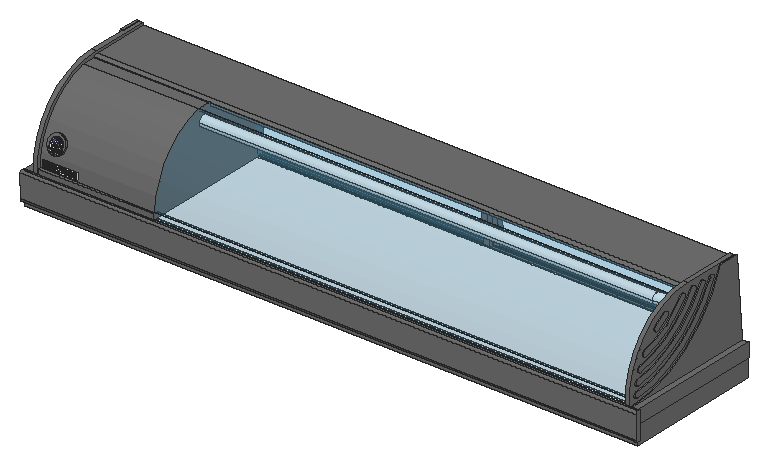
Revit family "QF_HOSHIZAKI_HNC-150BE-L-BH", category Specialty Equipment, Revit 2016
Family settings
  Part Type = Normal
  Round Connector Dimension = Use Diameter
  OmniClass Number = 23.40.40.14
  OmniClass Title = Food Service Equipment
  Work Plane-Based = No
  Always vertical = Yes
  Cut with Voids When Loaded = No
  Shared = No
  Room Calculation Point = No
Parameters (values of type "HNC-150BE-L-BH_230V/1Ph/50Hz")
  Weight = 37.00 kg
  Waste Remarks [instance] = ""
  Volts = 230 V
  URL Cutsheet = ""
  URL = "www.hoshizaki-europe.com"
  Status [instance] = ""
  Specification by User [instance] = ""
  Specification by Manufacturer [instance] = ""
  Serial Number = ""
  Seismic Rating = ""
  SMACNA No = ""
  Revision Code [instance] = ""
  Phase = 1
  Number of Poles = 2
  NAFEM Spec ID Number = ""
  Model = "HNC-150BE-L-BH"
  Min Ckt Ampacity = 0 A
  Max Overcurrent Protection = 0 A
  Masterspec = ""
  Manufacturer = "HOSHIZAKI"
  Length Actual = 1500 mm
  Item Number [instance] = ""
  Installed By [instance] = ""
  Indirect Waste Size = 50.8 mm
  Indirect Waste Connection Type [instance] = ""
  Indirect Waste Connection Height [instance] = 23 mm
  Identify Quantity as Lot [instance] = no
  Height Actual = 270 mm
  HP power = ""
  Furnished By [instance] = ""
  Foodservice Equipment Identifier [instance] = yes
  FL Amps = 0.6 A
  Electric power = 140 W
  Electric Connection Type [instance] = ""
  Elec Conn RI Height [instance] = 0 mm
  Elec Conn Connection Height [instance] = 19 mm
  Direct Waste RI Height [instance] = 0 mm
  Description = "SUSHI CASE, LEFT SIDED - BLACK"
  Depth Actual = 345 mm
  Cycle = 50 Hz
  Cost = 0
  Conn Plug = ""
  Conn Conduit = no
  CSI MasterFormat = ""
  Assembly Code = "E1090320"
  Apparent Power = 140 VA
  Accessory = no
Reference planes
  plane 1 "Center (Front/Back)": y = 0
  plane 2: z = 0
  plane 3 "Center (Left/Right)": x = 0
Forms (mm)
  Extrusion 1, solid, not visible
    sketch origin (29, -2, 18) x (1, 0, 0) y (0, 1, 0)
      loop
        line (0, 0) -> (2, 0) -> (2, 2) -> (0, 2) -> (0, 0)
    from 0 to 2
  Extrusion 2, solid, not visible
    sketch origin (1431, -2, 22) x (1, 0, 0) y (0, 1, 0)
      loop
        line (0, 0) -> (2, 0) -> (2, 2) -> (0, 2) -> (0, 0)
    from 0 to 2
Dimensions and locks
  aligned and locked: level to plane 2
Nested families
  nested 1: "QF_HOSHIZAKI_HNC-150BE-L-BH_230V_1Ph_50Hz" at (0, 0, 0), type "HNC-150BE-L-BH_230V/1Ph/50Hz"
    with Status "", Specification by User "", Show Clearance yes, Revision Code "", Number of Poles 1, Item Number "", Installed By "", Identify Quantity as Lot no, Furnished By "", Foodservice Equipment Identifier yes, Electrical Remarks "", Electric Connection Type "", Elec Conn RI Height 0 mm, Elec Conn Connection Height 19 mm, Conn Conduit yes
Connectors
  electrical at (30, 0, 19), driven by "Apparent Power", driven by "Number of Poles", driven by "Volts"
    settings: on Extrusion 1, index 1, voltage 230 V, apparent load 0 VA, apparent load phase1 140 VA, apparent load phase2 0 VA, apparent load phase3 0 VA, power factor 1, load classification "Other", number of poles 2, system type 31, power factor state 1, is connector primary yes, connector utility no, sub classification motor no, connector description "Electric connection for 'HNC-150BE-L-BH'"
  piping at (1432, 0, 23), diameter 50.8, driven by "Indirect Waste Size"
    settings: on Extrusion 2, index 2, connector inside diameter 609.6 mm, connector length 0 mm, flow factor 0, pipe flow 0.0 L/s, pressure drop 0.0 Pa, fitting loss kfactor 0, connector angle 0.00°, fixture units 0, engagement length 0 mm, angle of deflection 0.00°, flow configuration 1, flow direction 2, fitting loss method 0, system type 16, joint type 0, gender type 0, connector reference index -1, connector utility 0, adjustable connector no, is connector primary yes, connector description "Drain connection for 'HNC-150BE-L-BH'"
Definition of nested family "QF_HOSHIZAKI_HNC-150BE-L-BH_230V_1Ph_50Hz"
  Parameters (values of type "HNC-150BE-L-BH_230V/1Ph/50Hz")
    Weight in Pounds = 81.5709
    Electric power = 150 W
    Volts = 230 V
    URL Cutsheet = "www.hoshizaki-europe.com"
    URL = "www.hoshizaki-europe.com"
    Status [instance] = ""
    Specification by User [instance] = ""
    Specification by Manufacturer = ""
    Show Logo = yes
    Show Clearance [instance] = yes
    Serial Number = ""
    Seismic Rating = ""
    SMACNA No = ""
    Revision Code [instance] = ""
    Phase = 1
    Number of Poles [instance] = 1
    NAFEM Spec ID Number = ""
    Model = "HNC-150BE-L-BH"
    Min Ckt Ampacity = 0 A
    Max Overcurrent Protection = 0 A
    Masterspec = ""
    Manufacturer = "HOSHIZAKI"
    Item Number [instance] = ""
    Installed By [instance] = ""
    Identify Quantity as Lot [instance] = no
    HP power = "0.201153000000"
    Furnished By [instance] = ""
    Foodservice Equipment Identifier [instance] = yes
    FL Amps = 20 A
    Electrical Remarks [instance] = ""
    Electric Connection Type [instance] = ""
    Elec Conn RI Height [instance] = 0 mm
    Elec Conn Connection Height [instance] = 19 mm
    Description = "SUSHI CASE, LEFT SIDED - BLACK"
    Cycle = 50 Hz
    Conn Plug = ""
    Conn Conduit [instance] = yes
    CSI MasterFormat = ""
    Assembly Code = "E1090320"
    Apparent Power = 150 VA
  Reference planes
    plane 1 "Back": y = 0
    plane 2: z = 0
    plane 3 "Left": x = 0
    plane 4 "Right": x = 1500
    plane 5 "Front": y = -345
    plane 6 "Top": z = 270
  Forms (mm)
    Extrusion 1, solid
      sketch origin (0, 0, 0) x (0, 1, 0) y (0, 0, 1)
        loop
          line (-335, 11.612) -> (-335, 78.923) -> (-340, 78.923)
          arc (-340, 78.923) -> (-343.536, 77.458) -> (-345, 73.923) r 5
          line (-345, 73.923) -> (-345, 16.612)
          arc (-345, 16.612) -> (-343.536, 13.076) -> (-340, 11.612) r 5
          line (-340, 11.612) -> (-335, 11.612)
      from 0 to 1500
    Extrusion 2, solid
      sketch origin (4, 0, 0) x (0, 1, 0) y (0, 0, 1)
        loop
          line (0, 0) -> (0, 45.267) -> (-335, 45.267) -> (-335, 0) -> (0, 0)
      from 1492 to 0
    Extrusion 3, solid
      sketch origin (1480, 0, 0) x (0, 1, 0) y (0, 0, -1)
        loop
          arc (-335, -77.311) -> (-168.876, -131.23) -> (-62.821, -270) r 293.422
          line (-62.821, -270) -> (-16.482, -270) -> (0, -81.612) -> (0, -45.267) -> (-335, -45.267) -> (-335, -77.311)
        loop
          arc (-83.709, -252.219) -> (-178.479, -139.765) -> (-317.08, -90.602) r 280.922
          arc (-317.08, -90.602) -> (-323.161, -96.407) -> (-318.029, -103.066) r 6.285
          arc (-318.029, -103.066) -> (-185.592, -150.044) -> (-95.039, -257.5) r 268.422
          arc (-95.039, -257.5) -> (-87.673, -258.508) -> (-83.709, -252.219) r 6.865
        loop
          arc (-111.859, -251.686) -> (-195.78, -158.227) -> (-314.06, -115.953) r 255.922
          arc (-314.06, -115.953) -> (-320.31, -121.62) -> (-315.28, -128.393) r 6.28
          arc (-315.28, -128.393) -> (-202.759, -168.597) -> (-122.925, -257.5) r 243.422
          arc (-122.925, -257.5) -> (-115.571, -258.059) -> (-111.859, -251.686) r 6.947
        loop
          arc (-140.937, -251.021) -> (-211.328, -177.909) -> (-306.269, -142.04) r 230.922
          arc (-306.269, -142.04) -> (-312.519, -147.451) -> (-308.057, -154.411) r 6.315
          arc (-308.057, -154.411) -> (-218.228, -188.332) -> (-151.626, -257.5) r 218.422
          arc (-151.626, -257.5) -> (-143.81, -258.338) -> (-140.937, -251.021) r 6.48
        loop
          arc (-173, -248.071) -> (-226.037, -198.16) -> (-293.13, -169.833) r 205.922
          arc (-293.13, -169.833) -> (-298.352, -176.046) -> (-293.527, -182.572) r 6.554
          arc (-293.527, -182.572) -> (-231.849, -209.297) -> (-183.042, -255.516) r 193.422
          arc (-183.042, -255.516) -> (-175.054, -255.795) -> (-173, -248.071) r 6.411
        loop
          arc (-225.482, -229.368) -> (-239.933, -218.945) -> (-255.34, -209.993) r 180.922
          arc (-255.34, -209.993) -> (-262.519, -213.318) -> (-261.08, -221.097) r 6.452
          arc (-261.08, -221.097) -> (-246.737, -229.431) -> (-233.285, -239.134) r 168.422
          arc (-233.285, -239.134) -> (-225.701, -237.193) -> (-225.482, -229.368) r 6.501
      from 0 to 5
    Extrusion 4, solid
      sketch origin (1475, 0, 0) x (0, 1, 0) y (0, 0, -1)
        loop
          line (-335, -45.267) -> (-335, -77.311)
          arc (-335, -77.311) -> (-288.48, -212.569) -> (-157.482, -270) r 178.115
          line (-157.482, -270) -> (-16.482, -270) -> (0, -81.612) -> (0, -45.267) -> (-335, -45.267)
      from 0 to 10
    Extrusion 5, solid
      sketch origin (20, 0, 0) x (0, 1, 0) y (0, 0, 1)
        loop
          line (-335, 77.311) -> (-335, 45.267) -> (0, 45.267) -> (0, 81.612) -> (-16.482, 270) -> (-62.821, 270)
          arc (-62.821, 270) -> (-168.876, 131.23) -> (-335, 77.311) r 293.422
        loop
          arc (-83.709, 252.219) -> (-87.673, 258.508) -> (-95.039, 257.5) r 6.865
          arc (-95.039, 257.5) -> (-185.592, 150.044) -> (-318.029, 103.066) r 268.422
          arc (-318.029, 103.066) -> (-323.161, 96.407) -> (-317.08, 90.602) r 6.285
          arc (-317.08, 90.602) -> (-178.479, 139.765) -> (-83.709, 252.219) r 280.922
        loop
          arc (-111.859, 251.686) -> (-115.571, 258.059) -> (-122.925, 257.5) r 6.947
          arc (-122.925, 257.5) -> (-202.759, 168.597) -> (-315.28, 128.393) r 243.422
          arc (-315.28, 128.393) -> (-320.31, 121.62) -> (-314.06, 115.953) r 6.28
          arc (-314.06, 115.953) -> (-195.78, 158.227) -> (-111.859, 251.686) r 255.922
        loop
          arc (-140.937, 251.021) -> (-143.81, 258.338) -> (-151.626, 257.5) r 6.48
          arc (-151.626, 257.5) -> (-218.228, 188.332) -> (-308.057, 154.411) r 218.422
          arc (-308.057, 154.411) -> (-312.519, 147.451) -> (-306.269, 142.04) r 6.315
          arc (-306.269, 142.04) -> (-211.328, 177.909) -> (-140.937, 251.021) r 230.922
        loop
          arc (-173, 248.071) -> (-175.054, 255.795) -> (-183.042, 255.516) r 6.411
          arc (-183.042, 255.516) -> (-231.849, 209.297) -> (-293.527, 182.572) r 193.422
          arc (-293.527, 182.572) -> (-298.352, 176.046) -> (-293.13, 169.833) r 6.554
          arc (-293.13, 169.833) -> (-226.037, 198.16) -> (-173, 248.071) r 205.922
        loop
          arc (-225.482, 229.368) -> (-225.701, 237.193) -> (-233.285, 239.134) r 6.501
          arc (-233.285, 239.134) -> (-246.737, 229.431) -> (-261.08, 221.097) r 168.422
          arc (-261.08, 221.097) -> (-262.519, 213.318) -> (-255.34, 209.993) r 6.452
          arc (-255.34, 209.993) -> (-239.933, 218.945) -> (-225.482, 229.368) r 180.922
      from 0 to 5
    Extrusion 6, solid
      sketch origin (25, 0, 0) x (0, 1, 0) y (0, 0, 1)
        loop
          line (-335, 45.267) -> (0, 45.267) -> (0, 81.612) -> (-16.482, 270) -> (-157.482, 270)
          arc (-157.482, 270) -> (-288.48, 212.569) -> (-335, 77.311) r 178.115
          line (-335, 77.311) -> (-335, 45.267)
      from 0 to 10
    Extrusion 7, solid
      sketch origin (0, 0, 0) x (0, 1, 0) y (0, 0, 1)
        loop
          line (-335.005, 77.311) -> (-9.983, 77.311) -> (-9.983, 45.267) -> (0, 45.267) -> (0, 81.612) -> (-15.607, 260) -> (-198.787, 260)
          arc (-198.787, 260) -> (-293.716, 198.698) -> (-330.597, 91.885) r 173.115
          line (-330.597, 91.885) -> (-335.597, 91.885) -> (-335.005, 77.311)
      from 35 to 317
    Extrusion 8, solid
      sketch origin (0, 0, 0) x (0, 1, 0) y (0, 0, 1)
        loop
          line (-9.983, 45.267) -> (-9.983, 67.293)
          arc (-9.983, 67.293) -> (-12.951, 74.377) -> (-20.035, 77.311) r 10.017
          line (-20.035, 77.311) -> (-324.983, 77.311)
          arc (-324.983, 77.311) -> (-332.066, 74.377) -> (-335, 67.293) r 10.017
          line (-335, 67.293) -> (-335, 45.267) -> (-9.983, 45.267)
      from 35 to 1465
    Extrusion 9, solid
      sketch origin (0, 0, 0) x (0, 1, 0) y (0, 0, 1)
        loop
          line (-16.044, 265) -> (-157.482, 265)
          arc (-157.482, 265) -> (-162.482, 263.66) -> (-166.142, 260) r 10
          line (-166.142, 260) -> (-166.142, 255) -> (-15.169, 255) -> (-16.044, 265)
      from 35 to 1465
    Extrusion 10, solid
      sketch origin (0, 0, 0) x (0, 1, 0) y (0, 0, 1)
        loop
          line (-166.142, 260) -> (-198.787, 260)
          arc (-198.787, 260) -> (-293.716, 198.698) -> (-330.597, 91.885) r 173.115
          line (-330.597, 91.885) -> (-330.597, 77.395) -> (-325.597, 77.395) -> (-325.597, 91.885)
          arc (-325.597, 91.885) -> (-289.967, 195.377) -> (-198.178, 255) r 168.115
          line (-198.178, 255) -> (-166.142, 255) -> (-166.142, 260)
      from 317 to 1465
    Sweep 11, solid
      path origin (301.784, 0, 230) x (1, 0, 0) y (0, 1, 0)
        loop
          line (1072.551, -50.66) -> (1112.551, -50.66)
          arc (1112.551, -50.66) -> (1140.051, -62.051) -> (1151.442, -89.551) r 38.891
          line (1151.442, -89.551) -> (1151.442, -153.787)
          arc (1151.442, -153.787) -> (1142.122, -176.287) -> (1119.622, -185.607) r 31.82
          line (1119.622, -185.607) -> (14.622, -185.607)
      profile origin (1394.335, -50.66, 230) x (0, 1, 0) y (0, 0, 1)
        loop
          circle (0, 0) r 12.5
    Extrusion 12, solid
      sketch origin (0, 0, 0) x (0, 1, 0) y (0, 0, 1)
        loop
          line (0, 45.267) -> (0, 81.612) -> (-1.743, 101.536) -> (-6.743, 101.536) -> (-5, 81.612) -> (-5, 77.311) -> (-10, 77.311) -> (-10, 45.267) -> (0, 45.267)
      from 317 to 1465
    Extrusion 13, solid
      sketch origin (300, 0, 0) x (0, 1, 0) y (0, 0, 1)
        loop
          line (-6.743, 101.536) -> (-1.743, 101.536) -> (-15.169, 255) -> (-20.169, 255) -> (-6.743, 101.536)
      from 1150 to 1165
    Extrusion 14, solid
      sketch origin (317, -10, 0) x (0, 1, 0) y (0, 0, 1)
        loop
          line (-5, 77.311) -> (-5, 81.612) -> (-20.169, 255) -> (-25.169, 255) -> (-9.917, 80.666) -> (-9.917, 77.311) -> (-5, 77.311)
      from 0 to 550
    Extrusion 15, solid
      sketch origin (0, 0, 0) x (1, 0, 0) y (0, 0, 1)
        loop
          line (20, 45.267) -> (20, 78.923) -> (4, 78.923) -> (4, 45.267) -> (20, 45.267)
      from 0 to 335
    Extrusion 16, solid
      sketch origin (1480, 0, 0) x (1, 0, 0) y (0, 0, 1)
        loop
          line (16, 45.267) -> (16, 78.923) -> (0, 78.923) -> (0, 45.267) -> (16, 45.267)
      from 0 to 335
    Extrusion 17, solid
      sketch origin (30, 5, 19) x (1, 0, 0) y (0, 0, 1)
        loop
          circle (0, 0) r 5
      from 0 to 5
    Extrusion 18, solid
      sketch origin (900, 0, 0) x (0, 1, 0) y (0, 0, 1)
        loop
          line (-5, 77.311) -> (-5, 81.612) -> (-20.169, 255) -> (-25.169, 255) -> (-9.917, 80.666) -> (-9.917, 77.311) -> (-5, 77.311)
      from 0 to 550
    Extrusion 19, solid
      sketch origin (900, 0, 0) x (0, 1, 0) y (0, 0, -1)
        loop
          line (-6.743, -101.536) -> (-4.917, -80.666) -> (-9.917, -80.666) -> (-25.169, -255) -> (-20.169, -255) -> (-14.603, -248.524) -> (-2.401, -109.056) -> (-6.743, -101.536)
      from 16 to 0
    Extrusion 20, solid
      sketch origin (883, -10, 0) x (0, 1, 0) y (0, 0, -1)
        loop
          line (-6.743, -101.536) -> (-4.917, -80.666) -> (-9.917, -80.666) -> (-25.169, -255) -> (-20.169, -255) -> (-14.603, -248.524) -> (-2.401, -109.056) -> (-6.743, -101.536)
      from 16 to 0
    Extrusion 21, solid, visible <- "Show Logo"
      sketch origin (-1.978, -388.55, -502.576) x (1, 0, 0) y (0, 0.087156, 0.996195)
        loop
          line (55.338, 616.136) -> (55.338, 615.183) -> (56.401, 614.569) -> (56.401, 609.537) -> (55.338, 608.924) -> (55.338, 607.971) -> (59.638, 607.971) -> (59.638, 608.924) -> (58.286, 609.537) -> (58.286, 611.434) -> (61.704, 611.434) -> (61.704, 609.537) -> (60.353, 608.924) -> (60.353, 607.971) -> (64.652, 607.971) -> (64.652, 608.924) -> (63.589, 609.537) -> (63.589, 614.569) -> (64.652, 615.183) -> (64.652, 616.136) -> (60.353, 616.136) -> (60.353, 615.183) -> (61.704, 614.569) -> (61.704, 612.924) -> (58.286, 612.924) -> (58.286, 614.569) -> (59.638, 615.183) -> (59.638, 616.136) -> (55.338, 616.136)
        loop
          spline (69.001, 608.002) -> (70.129, 608.14) -> (71.179, 608.547) -> (72.081, 609.193) -> (72.773, 610.035) -> (73.209, 611.016) -> (73.357, 612.069) -> (73.209, 613.121) -> (72.773, 614.102) -> (72.081, 614.944) -> (71.179, 615.591) -> (70.129, 615.997) -> (69.001, 616.136)
          spline (69.001, 616.136) -> (67.874, 615.997) -> (66.824, 615.591) -> (65.922, 614.944) -> (65.229, 614.102) -> (64.794, 613.121) -> (64.646, 612.069) -> (64.794, 611.016) -> (65.229, 610.035) -> (65.922, 609.193) -> (66.824, 608.547) -> (67.874, 608.14) -> (69.001, 608.002)
        loop
          spline (68.927, 609) -> (69.484, 609.105) -> (70.004, 609.411) -> (70.45, 609.899) -> (70.792, 610.534) -> (71.007, 611.274) -> (71.08, 612.069) -> (71.007, 612.863) -> (70.792, 613.603) -> (70.45, 614.239) -> (70.004, 614.726) -> (69.484, 615.033) -> (68.927, 615.137)
          spline (68.927, 615.137) -> (68.37, 615.033) -> (67.851, 614.726) -> (67.405, 614.239) -> (67.063, 613.603) -> (66.847, 612.863) -> (66.774, 612.069) -> (66.847, 611.274) -> (67.063, 610.534) -> (67.405, 609.899) -> (67.851, 609.411) -> (68.37, 609.105) -> (68.927, 609)
        loop
          line (81.179, 616.194) -> (79.474, 615.758)
          arc (79.474, 615.758) -> (77.281, 616.22) -> (75.089, 615.753) r 5.403
          arc (75.089, 615.753) -> (73.886, 613.9) -> (75.089, 612.047) r 2.029
          line (75.089, 612.047) -> (78.971, 610.634)
          arc (78.971, 610.634) -> (79.436, 609.97) -> (78.971, 609.307) r 0.706
          arc (78.971, 609.307) -> (77.855, 609.11) -> (76.74, 609.307) r 3.262
          line (76.74, 609.307) -> (75.274, 610.772) -> (73.787, 610.772) -> (73.787, 608.097) -> (75.666, 608.577)
          arc (75.666, 608.577) -> (78.223, 607.78) -> (80.78, 608.577) r 4.5
          arc (80.78, 608.577) -> (81.48, 610.43) -> (80.78, 612.283) r 2.804
          line (80.78, 612.283) -> (76.487, 613.433)
          arc (76.487, 613.433) -> (75.882, 614.221) -> (76.487, 615.009) r 0.816
          arc (76.487, 615.009) -> (77.614, 615.157) -> (78.742, 615.009) r 4.357
          line (78.742, 615.009) -> (79.927, 613.433) -> (81.179, 613.433) -> (81.179, 616.194)
        loop
          line (82.271, 616.136) -> (82.271, 615.183) -> (83.334, 614.569) -> (83.334, 609.537) -> (82.271, 608.924) -> (82.271, 607.971) -> (86.57, 607.971) -> (86.57, 608.924) -> (85.219, 609.537) -> (85.219, 611.434) -> (88.636, 611.434) -> (88.636, 609.537) -> (87.285, 608.924) -> (87.285, 607.971) -> (91.585, 607.971) -> (91.585, 608.924) -> (90.522, 609.537) -> (90.522, 614.569) -> (91.585, 615.183) -> (91.585, 616.136) -> (87.285, 616.136) -> (87.285, 615.183) -> (88.636, 614.569) -> (88.636, 612.924) -> (85.219, 612.924) -> (85.219, 614.569) -> (86.57, 615.183) -> (86.57, 616.136) -> (82.271, 616.136)
        loop
          line (96.706, 616.136) -> (92.416, 616.136) -> (92.416, 615.183) -> (93.479, 614.569) -> (93.479, 609.537) -> (92.416, 608.924) -> (92.416, 607.971) -> (96.706, 607.971) -> (96.706, 608.924) -> (95.643, 609.537) -> (95.643, 614.569) -> (96.706, 615.183) -> (96.706, 616.136)
        loop
          line (97.667, 616.136) -> (97.667, 612.671) -> (98.907, 612.671) -> (98.907, 614.463) -> (99.558, 615.114) -> (102.547, 615.114) -> (97.667, 609.299) -> (97.667, 607.971) -> (104.908, 607.971) -> (104.908, 611.273) -> (103.649, 611.273) -> (103.649, 609.958) -> (102.708, 609.299) -> (100.239, 609.299) -> (104.908, 614.862) -> (104.908, 616.136) -> (97.667, 616.136)
        loop
          line (105.624, 607.971) -> (109.33, 607.971) -> (109.33, 609.028) -> (107.454, 609.028) -> (108.104, 610.636) -> (111.138, 610.636) -> (111.792, 609.702) -> (111.119, 609.028) -> (110.298, 609.028) -> (110.298, 607.971) -> (114.469, 607.971) -> (114.469, 609.299) -> (110.933, 616.136) -> (109.33, 616.136) -> (106.458, 609.028) -> (105.624, 609.028) -> (105.624, 607.971)
        loop
          line (114.779, 616.136) -> (114.779, 615.083) -> (116.046, 615.083) -> (116.046, 609.299) -> (114.99, 609.299) -> (114.99, 607.971) -> (118.696, 607.971) -> (117.926, 609.461) -> (117.926, 610.349) -> (119.101, 611.525) -> (121.327, 609.299) -> (120.053, 609.299) -> (120.053, 607.971) -> (124.657, 607.971) -> (124.657, 609.299) -> (123.759, 609.299) -> (120.592, 613.016) -> (122.659, 615.083) -> (123.759, 615.083) -> (123.759, 616.136) -> (120.053, 616.136) -> (120.053, 615.083) -> (121.071, 615.083) -> (117.926, 611.937) -> (118.696, 615.083) -> (118.696, 616.136) -> (114.779, 616.136)
        loop
          line (129.485, 616.136) -> (125.196, 616.136) -> (125.196, 615.183) -> (126.259, 614.569) -> (126.259, 609.537) -> (125.196, 608.924) -> (125.196, 607.971) -> (129.485, 607.971) -> (129.485, 608.924) -> (128.422, 609.537) -> (128.422, 614.569) -> (129.485, 615.183) -> (129.485, 616.136)
        loop
          line (109.583, 614.299) -> (108.553, 611.748) -> (110.666, 611.748) -> (109.583, 614.299)
        loop
          line (52.372, 617.338) -> (52.372, 606.471) -> (131.113, 606.471) -> (131.113, 617.338) -> (52.372, 617.338)
        loop
          line (133.113, 619.338) -> (50.372, 619.338) -> (50.372, 604.471) -> (133.113, 604.471) -> (133.113, 619.338)
      from -1 to 1
    Extrusion 22, solid, visible <- "Show Logo"
      sketch origin (8.022, -389.795, -522.544) x (1, 0, 0) y (0, 0.087156, 0.996195)
        loop
          line (42.372, 637.338) -> (42.372, 626.471) -> (121.113, 626.471) -> (121.113, 637.338) -> (42.372, 637.338)
      from -1 to 1
    Extrusion 23, solid, visible <- "Show Logo"
      sketch origin (532.337, -1020.902, -1575.062) x (-1, 0, 0) y (0, -0.374607, -0.927184)
        loop
          circle (459.884, -1862.5) r 13.99
      from 0 to 2.5
    Extrusion 24, solid, visible <- "Show Logo"
      sketch origin (532.337, -1021.365, -1574.874) x (-1, 0, 0) y (0, -0.374607, -0.927184)
        loop
          circle (459.884, -1862.5) r 15
        loop
          arc (446.884, -1862.5) -> (460.705, -1875.474) -> (472.781, -1860.863) r 13
          line (472.781, -1860.863) -> (470.355, -1858.437) -> (469.346, -1862.201) -> (466.355, -1863.928) -> (465.024, -1865.26) -> (463.375, -1865.26) -> (462.04, -1870.241) -> (457.755, -1870.241) -> (459.339, -1867.979) -> (460.402, -1864.014) -> (461.224, -1860.945) -> (462.416, -1856.497) -> (461.216, -1855.297) -> (459.433, -1857.843) -> (455.784, -1851.523) -> (460.361, -1851.523) -> (461.471, -1853.446) -> (469.213, -1853.446)
          arc (469.213, -1853.446) -> (460.394, -1849.51) -> (451.293, -1852.743) r 13
          line (451.293, -1852.743) -> (455.577, -1853.891) -> (453.752, -1856.497) -> (455.349, -1856.497) -> (454.477, -1866.459) -> (452.538, -1866.459) -> (446.884, -1862.5)
        loop
          line (447.853, -1857.467) -> (452.313, -1861.926) -> (450.144, -1853.891)
          arc (450.144, -1853.891) -> (448.878, -1855.602) -> (447.853, -1857.467) r 15.828
        loop
          line (463.583, -1862.877) -> (466.64, -1862.399) -> (464.901, -1861.285) -> (463.583, -1857.664) -> (463.583, -1862.877)
        loop
          line (464.827, -1855.979) -> (468.296, -1856.908) -> (469.573, -1854.916) -> (468.881, -1854.224) -> (467.914, -1855.035) -> (464.827, -1855.979)
        loop
          line (462.609, -1872.307) -> (462.609, -1874.009) -> (464.927, -1873.388) -> (462.609, -1872.307)
        loop
          line (460.361, -1874.662) -> (459.594, -1873.335) -> (460.801, -1872.638) -> (459.186, -1872.205) -> (458.298, -1874.11) -> (460.361, -1874.662)
        loop
          line (459.623, -1846.783) -> (460.706, -1845.701) -> (462.247, -1845.701) -> (461.191, -1844.645) -> (461.503, -1842.874) -> (459.623, -1843.959) -> (457.743, -1842.874) -> (458.055, -1844.645) -> (456.999, -1845.701) -> (458.54, -1845.701) -> (459.623, -1846.783)
        loop
          line (446.86, -1853.7) -> (446.594, -1852.191) -> (447.478, -1850.929) -> (446.007, -1851.188) -> (444.736, -1849.917) -> (444.547, -1852.08) -> (442.579, -1852.997) -> (444.209, -1853.757) -> (444.468, -1855.228) -> (445.352, -1853.965) -> (446.86, -1853.7)
        loop
          line (452.395, -1848.68) -> (452.856, -1847.219) -> (454.223, -1846.508) -> (452.799, -1846.059) -> (452.258, -1844.344) -> (451.091, -1846.175) -> (448.922, -1846.08) -> (450.017, -1847.507) -> (449.568, -1848.931) -> (450.935, -1848.219) -> (452.395, -1848.68)
        loop
          line (472.909, -1853.7) -> (474.417, -1853.965) -> (475.301, -1855.228) -> (475.56, -1853.757) -> (477.19, -1852.997) -> (475.222, -1852.08) -> (475.033, -1849.917) -> (473.761, -1851.188) -> (472.291, -1850.929) -> (473.175, -1852.191) -> (472.909, -1853.7)
        loop
          line (467.374, -1848.68) -> (468.834, -1848.219) -> (470.201, -1848.931) -> (469.752, -1847.507) -> (470.847, -1846.08) -> (468.678, -1846.175) -> (467.511, -1844.344) -> (466.97, -1846.059) -> (465.546, -1846.508) -> (466.913, -1847.219) -> (467.374, -1848.68)
      from 0 to 2.5
    Extrusion 25, solid, visible <- "Show Logo"
      sketch origin (532.337, -1021.365, -1574.874) x (-1, 0, 0) y (0, -0.374607, -0.927184)
        loop
          line (462.609, -1874.009) -> (462.609, -1872.307) -> (462.085, -1870.241) -> (457.755, -1870.241) -> (459.339, -1867.979) -> (462.416, -1856.497) -> (461.216, -1855.297) -> (459.433, -1857.843) -> (455.808, -1851.565) -> (453.948, -1851.565) -> (455.577, -1853.891) -> (454.477, -1866.459) -> (456.345, -1871.339)
          arc (456.345, -1871.339) -> (456.868, -1874.025) -> (459.213, -1875.435) r 3.366
          arc (459.213, -1875.435) -> (460.198, -1875.496) -> (461.183, -1875.435) r 8.046
          line (461.183, -1875.435) -> (462.609, -1874.009)
        loop
          line (456.854, -1851.523) -> (460.361, -1851.523) -> (460.916, -1852.485) -> (462.702, -1852.485) -> (463.779, -1851.407) -> (460.623, -1851.407) -> (461.563, -1850.468) -> (456.245, -1850.468) -> (456.854, -1851.523)
        loop
          line (460.361, -1874.662) -> (459.594, -1873.335) -> (460.801, -1872.638) -> (459.186, -1872.205) -> (458.298, -1874.11) -> (460.361, -1874.662)
      from 0 to 2.5
    Extrusion 26, solid, visible <- "Show Logo"
      sketch origin (517.953, -534.325, -370.743) x (-1, 0, 0) y (0, -0.374607, -0.927184)
        loop
          circle (445.5, -563.6) r 22.5
      from 0 to 2
  Lines and regions (mm)
    symbolic lines
      curve 1: line (0, -335, 0) -> (0, -345, 0)
      curve 2: line (0, -345, 0) -> (1500, -345, 0)
      curve 3: line (1500, -345, 0) -> (1500, -335, 0)
      curve 4: line (1500, -335, 0) -> (1496, -335, 0)
      curve 5: line (1496, -335, 0) -> (1496, 0, 0)
      curve 6: line (1496, 0, 0) -> (4, 0, 0)
      curve 7: line (35, 0, 0) -> (35, 5, 0)
      curve 8: line (35, 5, 0) -> (25, 5, 0)
      curve 9: line (25, 5, 0) -> (25, 0, 0)
      curve 10: line (4, 0, 0) -> (4, -335, 0)
      curve 11: line (4, -335, 0) -> (0, -335, 0)
      curve 12: line (4, -335, 0) -> (1496, -335, 0)
      curve 13: line (1465, -335, 0) -> (1465, 0, 0)
      curve 14: line (35, -335, 0) -> (35, 0, 0)
      curve 15: line (317, 0, 0) -> (317, -335, 0)
      curve 16: line (1465, -166.142, 0) -> (317, -166.142, 0)
  Dimensions and locks
    aligned and locked: level to plane 2
  Connectors
    electrical at (30, 5, 19), driven by "Apparent Power", driven by "Volts", driven by "Number of Poles"
      settings: on Extrusion 17, index 2, voltage 230 V, apparent load 0 VA, apparent load phase1 150 VA, apparent load phase2 0 VA, apparent load phase3 0 VA, power factor 1, load classification none, number of poles 1, system type 31, power factor state 1, is connector primary yes, connector utility no, sub classification motor no, connector description "Electrical connection"
